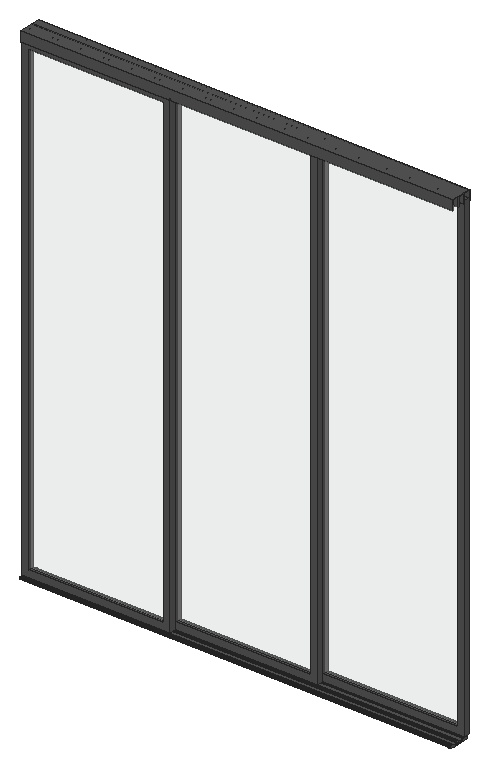
Revit family "Door_FTS RD_The Sliding Door Company_1.5F 3-Panel Triple Track (Double Recessed)", category Doors, host Wall, Revit 2019
Family settings
  Host = Wall
  OmniClass Number = 23.30.10.00
  OmniClass Title = Doors
  Always vertical = Yes
  Cut with Voids When Loaded = No
  Shared = No
  Room Calculation Point = No
Parameters (values of type "FTS Room Divider - 1.5F 3 Panel 3 Track - ABC/CBA")
  Upper Track Material [instance] = TSDC - Casing/Upper Track - Powder Coated Black
  URL = "https://www.slidingdoorco.com"
  Thickness = 1 1/4"  # constant formula
  Stile/Rail = 1 1/2"  # constant formula
  Rough Width = Finished Opening Width + 5/8" * 2  # 96 1/4"
  Rough Height = Finished Opening Height + 5/8"  # 106 1/8"
  Panel Width = Width / 3 + 1"  # 32.66667"
  Panel Height = Height - 2 1/4"  # 105 3/4"
  Open [instance] = no
  Model = "FTS Room Divider - Full Height System"  # constant formula
  Manufacturer = "The Sliding Door Company"  # constant formula
  Limitations = "Panel Width x System Height cannot exceed 7,400 square inches"  # constant formula
  Glass Thickness = "Available in: 5mm Tempered, 7mm,10mm,11mm Laminated Glass"  # constant formula
  Glass Material [instance] = TSDC - Glass - Clear
  Function = Interior
  Height = if(Order Height > 108", 108", Order Height)  # 108"
  Wall Closure = By host
  Width = if(Finished Opening Width > 147", 147", Finished Opening Width)  # 95"
  Fire Rating = "N/A"  # constant formula
  Finished Opening Width = 95"
  Order Height = 108"
  Finished Opening Height = Order Height - 2 1/8" - 3/8"  # 105 1/2"
  Door Casing Material [instance] = TSDC - Casing/Upper Track - Powder Coated Black
  Description = "1.5 Frame 3 Panel System with Triple Track (Double Recessed)"  # constant formula
  Contact The Sliding Door Company = "https://www.slidingdoorco.com/contact"
  Construction Type = "Top Mounted, Recessed Upper, Recessed Bottom Track"  # constant formula
  Configuration = "ABC/CBA Configuration"  # constant formula
  Closed [instance] = not(Open)  # yes
  Bottom Track Material [instance] = TSDC - Bottom Track - Powder Coated Black
  Analytic Construction = "<None>"
  1 1/2" Frame (No Support Dividers) = "Max. H=108 in., Max. W=147 in. (50 in. panel width)"  # constant formula
Reference planes (in)
  plane 1 "Center (Front/Back)": y = 0
  plane 2 "Center (Left/Right)": x = 0
  plane 3 "Top": z = 107.625
  plane 4 "Exterior": y = 3
  plane 5 "Interior": y = -3
  plane 6: x = -47.5
  plane 7: x = 47.5
  plane 8: z = 0.625
  plane 9 "2": z = 106
  plane 10 "3": z = 106.875
  plane 11: x = -15.83333
  plane 12: x = 15.83333
  plane 13 "Top": z = 96
  plane 14 "2": z = 94.375
  plane 15 "3": z = 95.25
  plane 16 "Top": z = 96
  plane 17 "2": z = 94.375
  plane 18 "3": z = 95.25
  plane 19 "Top": z = 80
  plane 20: x = -50
  plane 21: x = 50
  plane 22 "2": z = 78.375
  plane 23 "3": z = 79.25
  plane 24 "4": z = 105.5
  plane 25: z = -0.375
  plane 26: z = 0.25
Forms (in)
  Extrusion 1, solid, material "TSDC - Casing/Upper Track - Powder Coated Black" <- "Upper Track Material"
    sketch origin (0, 0.625, 0) x (0, 1, 0) y (0, 0, 1)
      loop
        line (1.74219, 107.625) -> (-2.99219, 107.625) -> (-2.99219, 105.5) -> (-2.93359, 105.5) -> (-2.93359, 107.56641) -> (-1.43359, 107.56641) -> (-1.43359, 105.5) -> (-1.375, 105.5) -> (-1.375, 107.56641) -> (0.125, 107.56641) -> (0.125, 105.5) -> (0.18359, 105.5) -> (0.18359, 107.56641) -> (1.68359, 107.56641) -> (1.68359, 105.5) -> (1.74219, 105.5) -> (1.74219, 107.625)
    from -47.5 to 47.5
  Extrusion 2, solid, material "TSDC - Casing/Upper Track - Powder Coated Black" <- "Door Casing Material", visible <- "Closed"
    sketch origin (47.66587, 2.18359, 0) x (1, 0, 0) y (0, 0, 1)
      loop
        line (-0.16587, 106) -> (-32.83254, 106) -> (-32.83254, 0.25) -> (-0.16587, 0.25) -> (-0.16587, 106)
      loop
        line (-1.66587, 104.5) -> (-31.33254, 104.5) -> (-31.33254, 1.75) -> (-1.66587, 1.75) -> (-1.66587, 104.5)
    from 0 to 1.25
  Extrusion 3, solid, material "TSDC - Glass - Clear" <- "Glass Material", visible <- "Closed"
    sketch origin (47.66587, 1.68359, 0) x (1, 0, 0) y (0, 0, 1)
      loop
        line (-1.66587, 104.5) -> (-31.33254, 104.5) -> (-31.33254, 1.75) -> (-1.66587, 1.75) -> (-1.66587, 104.5)
    from 0 to 0.25
  Extrusion 4, solid, material "TSDC - Casing/Upper Track - Powder Coated Black" <- "Door Casing Material", visible <- "Closed"
    sketch origin (-11.83413, 0.625, 0) x (1, 0, 0) y (0, 0, 1)
      loop
        line (28.16746, 106) -> (-4.4992, 106) -> (-4.4992, 0.25) -> (28.16746, 0.25) -> (28.16746, 106)
      loop
        line (26.66746, 104.5) -> (-2.9992, 104.5) -> (-2.9992, 1.75) -> (26.66746, 1.75) -> (26.66746, 104.5)
    from 0 to 1.25
  Extrusion 5, solid, material "TSDC - Glass - Clear" <- "Glass Material", visible <- "Closed"
    sketch origin (-11.83413, 0.125, 0) x (1, 0, 0) y (0, 0, 1)
      loop
        line (26.66746, 104.5) -> (-2.9992, 104.5) -> (-2.9992, 1.75) -> (26.66746, 1.75) -> (26.66746, 104.5)
    from 0 to 0.25
  Extrusion 6, solid, material "TSDC - Casing/Upper Track - Powder Coated Black" <- "Door Casing Material", visible <- "Closed"
    sketch origin (-71.33413, -0.93359, 0) x (1, 0, 0) y (0, 0, 1)
      loop
        line (56.5008, 106) -> (23.83413, 106) -> (23.83413, 0.25) -> (56.5008, 0.25) -> (56.5008, 106)
      loop
        line (55.0008, 104.5) -> (25.33413, 104.5) -> (25.33413, 1.75) -> (55.0008, 1.75) -> (55.0008, 104.5)
    from 0 to 1.25
  Extrusion 7, solid, material "TSDC - Glass - Clear" <- "Glass Material", visible <- "Closed"
    sketch origin (-71.33413, -1.43359, 0) x (1, 0, 0) y (0, 0, 1)
      loop
        line (55.0008, 104.5) -> (25.33413, 104.5) -> (25.33413, 1.75) -> (55.0008, 1.75) -> (55.0008, 104.5)
    from 0 to 0.25
  Extrusion 8, solid, material "TSDC - Casing/Upper Track - Powder Coated Black", not visible
    sketch origin (0, 0.8784, 0.00198) x (0, 1, 0) y (0, 0, 1)
      loop
        line (1.17662, -0.00198) -> (1.7466, -0.00198) -> (1.7466, 0.11422) -> (1.63872, 0.16601) -> (1.5898, 0.16) -> (1.58595, 0.19134) -> (1.49638, 0.23434) -> (1.44746, 0.22833) -> (1.44362, 0.25967) -> (1.35493, 0.30224) -> (1.30601, 0.29623) -> (1.30216, 0.32757) -> (1.21825, 0.36785)
        arc (1.21825, 0.36785) -> (1.19583, 0.37043) -> (1.17662, 0.35859) r 0.03449
        line (1.17662, 0.35859) -> (1.17662, 0.26961) -> (1.14379, 0.26961) -> (1.14379, 0.30227) -> (1.11271, 0.30227) -> (1.11271, 0.05752) -> (1.14379, 0.05752) -> (1.14379, 0.08934) -> (1.17662, 0.08934) -> (1.17662, -0.00198)
      loop
        line (1.6966, 0.05) -> (1.6966, 0.08276) -> (1.2346, 0.30454) -> (1.2346, 0.05) -> (1.6966, 0.05)
    from -50 to 50
  Extrusion 9, solid, material "TSDC - Casing/Upper Track - Powder Coated Black", not visible
    sketch origin (0, 0.8784, 0.00198) x (0, 1, 0) y (0, 0, 1)
      loop
        arc (1.17662, 0.34104) -> (1.17081, 0.35508) -> (1.15677, 0.36093) r 0.01985
        line (1.15677, 0.36093) -> (1.07541, 0.36093)
        arc (1.07541, 0.36093) -> (1.06136, 0.3551) -> (1.05556, 0.34103) r 0.01985
        line (1.05556, 0.34103) -> (1.05556, 0.20299) -> (0.9831, 0.20299) -> (0.9831, 0.28602)
        arc (0.9831, 0.28602) -> (0.87384, 0.39506) -> (0.76472, 0.28588) r 0.10919
        line (0.76472, 0.28588) -> (0.82428, 0.28588)
        arc (0.82428, 0.28588) -> (0.87397, 0.3355) -> (0.92354, 0.28575) r 0.04963
        line (0.92354, 0.28575) -> (0.92354, 0.14753) -> (1.05556, 0.10767) -> (1.05556, 0.05757) -> (0.38753, 0.05757) -> (0.38753, 0.36093) -> (-0.56932, 0.36093) -> (-0.56932, 0.20299) -> (-0.64178, 0.20299) -> (-0.64178, 0.28602)
        arc (-0.64178, 0.28602) -> (-0.75104, 0.39506) -> (-0.86016, 0.28588) r 0.10919
        line (-0.86016, 0.28588) -> (-0.8006, 0.28588)
        arc (-0.8006, 0.28588) -> (-0.75091, 0.3355) -> (-0.70134, 0.28575) r 0.04963
        line (-0.70134, 0.28575) -> (-0.70134, 0.14753) -> (-0.56932, 0.10767) -> (-0.56932, 0.05757) -> (-1.23735, 0.05757) -> (-1.23735, 0.36093) -> (-2.19421, 0.36093) -> (-2.19421, 0.20299) -> (-2.26667, 0.20299) -> (-2.26667, 0.28602)
        arc (-2.26667, 0.28602) -> (-2.37592, 0.39506) -> (-2.48504, 0.28588) r 0.10919
        line (-2.48504, 0.28588) -> (-2.42548, 0.28588)
        arc (-2.42548, 0.28588) -> (-2.37579, 0.3355) -> (-2.32622, 0.28575) r 0.04963
        line (-2.32622, 0.28575) -> (-2.32622, 0.14753) -> (-2.19421, 0.10767) -> (-2.19421, 0.05757) -> (-2.86223, 0.05757) -> (-2.86223, 0.34103)
        arc (-2.86223, 0.34103) -> (-2.86803, 0.3551) -> (-2.88208, 0.36093) r 0.01985
        line (-2.88208, 0.36093) -> (-2.96344, 0.36093)
        arc (-2.96344, 0.36093) -> (-2.97751, 0.35509) -> (-2.9833, 0.341) r 0.01985
        line (-2.9833, 0.341) -> (-2.9833, 0.26961) -> (-2.95059, 0.26961) -> (-2.95059, 0.30227) -> (-2.91939, 0.30227) -> (-2.91939, 0.05752) -> (-2.95046, 0.05752) -> (-2.95046, 0.08934) -> (-2.9833, 0.08934) -> (-2.9833, -0.00198) -> (-2.13705, -0.00198) -> (-2.10598, 0.05752) -> (-2.13705, 0.05752) -> (-2.13705, 0.30227) -> (-1.29451, 0.30227) -> (-1.29451, 0.05752) -> (-1.32558, 0.05752) -> (-1.29451, -0.00198) -> (-0.51217, -0.00198) -> (-0.4811, 0.05752) -> (-0.51217, 0.05752) -> (-0.51217, 0.30227) -> (0.33038, 0.30227) -> (0.33038, 0.05752) -> (0.2993, 0.05752) -> (0.33038, -0.00198) -> (1.17662, -0.00198) -> (1.17662, 0.08934) -> (1.14379, 0.08934) -> (1.14379, 0.05752) -> (1.11271, 0.05752) -> (1.11271, 0.30227) -> (1.14379, 0.30227) -> (1.14379, 0.26961) -> (1.17662, 0.26961) -> (1.17662, 0.34104)
    from -50 to 50
  Extrusion 10, solid, material "TSDC - Casing/Upper Track - Powder Coated Black", not visible
    sketch origin (0, -0.92827, 0.00198) x (0, -1, 0) y (0, 0, -1)
      loop
        line (1.17662, 0.00198) -> (1.17662, -0.08934) -> (1.14379, -0.08934) -> (1.14379, -0.05752) -> (1.11271, -0.05752) -> (1.11271, -0.30227) -> (1.14379, -0.30227) -> (1.14379, -0.26961) -> (1.17662, -0.26961) -> (1.17662, -0.35859)
        arc (1.17662, -0.35859) -> (1.19583, -0.37043) -> (1.21825, -0.36785) r 0.03449
        line (1.21825, -0.36785) -> (1.30216, -0.32757) -> (1.30601, -0.29623) -> (1.35493, -0.30224) -> (1.44362, -0.25967) -> (1.44746, -0.22833) -> (1.49638, -0.23434) -> (1.58595, -0.19134) -> (1.5898, -0.16) -> (1.63872, -0.16601) -> (1.7466, -0.11422) -> (1.7466, 0.00198) -> (1.17662, 0.00198)
      loop
        line (1.6966, -0.05) -> (1.2346, -0.05) -> (1.2346, -0.30454) -> (1.6966, -0.08276) -> (1.6966, -0.05)
    from -50 to 50
  Extrusion 11, solid, material "TSDC - Casing/Upper Track - Powder Coated Black", not visible
    sketch origin (0, 1.25781, 0) x (0, 1, 0) y (0, 0, 1)
      loop
        line (1.74219, 96) -> (-2.99219, 96) -> (-2.99219, 93.875) -> (-2.93359, 93.875) -> (-2.93359, 95.94141) -> (-1.43359, 95.94141) -> (-1.43359, 93.875) -> (-1.375, 93.875) -> (-1.375, 95.94141) -> (0.125, 95.94141) -> (0.125, 93.875) -> (0.18359, 93.875) -> (0.18359, 95.94141) -> (1.68359, 95.94141) -> (1.68359, 93.875) -> (1.74219, 93.875) -> (1.74219, 96)
    from -50 to 50
  Extrusion 12, solid, material "TSDC - Casing/Upper Track - Powder Coated Black", visible <- "Open", not visible
    sketch origin (-18.0008, 2.81641, 0) x (1, 0, 0) y (0, 0, 1)
      loop
        line (2.33413, 94.375) -> (-31.9992, 94.375) -> (-31.9992, 0.625) -> (2.33413, 0.625) -> (2.33413, 94.375)
      loop
        line (0.83413, 92.875) -> (-30.4992, 92.875) -> (-30.4992, 2.125) -> (0.83413, 2.125) -> (0.83413, 92.875)
    from 0 to 1.25
  Extrusion 13, solid, material "TSDC - Glass - Clear", visible <- "Open", not visible
    sketch origin (-18.0008, 2.31641, 0) x (1, 0, 0) y (0, 0, 1)
      loop
        line (0.83413, 92.875) -> (-30.4992, 92.875) -> (-30.4992, 2.125) -> (0.83413, 2.125) -> (0.83413, 92.875)
    from 0 to 0.25
  Extrusion 14, solid, material "TSDC - Casing/Upper Track - Powder Coated Black", visible <- "Open", not visible
    sketch origin (-44.66746, 1.25781, 0) x (1, 0, 0) y (0, 0, 1)
      loop
        line (29.0008, 94.375) -> (-5.33254, 94.375) -> (-5.33254, 0.625) -> (29.0008, 0.625) -> (29.0008, 94.375)
      loop
        line (27.5008, 92.875) -> (-3.83254, 92.875) -> (-3.83254, 2.125) -> (27.5008, 2.125) -> (27.5008, 92.875)
    from 0 to 1.25
  Extrusion 15, solid, material "TSDC - Glass - Clear", visible <- "Open", not visible
    sketch origin (-44.66746, 0.75781, 0) x (1, 0, 0) y (0, 0, 1)
      loop
        line (27.5008, 92.875) -> (-3.83254, 92.875) -> (-3.83254, 2.125) -> (27.5008, 2.125) -> (27.5008, 92.875)
    from 0 to 0.25
  Extrusion 16, solid, material "TSDC - Casing/Upper Track - Powder Coated Black", visible <- "Open", not visible
    sketch origin (-71.33413, -0.30078, 0) x (1, 0, 0) y (0, 0, 1)
      loop
        line (55.66746, 94.375) -> (21.33413, 94.375) -> (21.33413, 0.625) -> (55.66746, 0.625) -> (55.66746, 94.375)
      loop
        line (54.16746, 92.875) -> (22.83413, 92.875) -> (22.83413, 2.125) -> (54.16746, 2.125) -> (54.16746, 92.875)
    from 0 to 1.25
  Extrusion 17, solid, material "TSDC - Glass - Clear", visible <- "Open", not visible
    sketch origin (-71.33413, -0.80078, 0) x (1, 0, 0) y (0, 0, 1)
      loop
        line (54.16746, 92.875) -> (22.83413, 92.875) -> (22.83413, 2.125) -> (54.16746, 2.125) -> (54.16746, 92.875)
    from 0 to 0.25
  Extrusion 18, solid, material "TSDC - Casing/Upper Track - Powder Coated Black", visible <- "Closed", not visible
    sketch origin (-11.83413, 1.25781, 0) x (1, 0, 0) y (0, 0, 1)
      loop
        line (29.0008, 94.375) -> (-5.33254, 94.375) -> (-5.33254, 0.625) -> (29.0008, 0.625) -> (29.0008, 94.375)
      loop
        line (27.5008, 92.875) -> (-3.83254, 92.875) -> (-3.83254, 2.125) -> (27.5008, 2.125) -> (27.5008, 92.875)
    from 0 to 1.25
  Extrusion 19, solid, material "TSDC - Glass - Clear", visible <- "Closed", not visible
    sketch origin (-11.83413, 0.75781, 0) x (1, 0, 0) y (0, 0, 1)
      loop
        line (27.5008, 92.875) -> (-3.83254, 92.875) -> (-3.83254, 2.125) -> (27.5008, 2.125) -> (27.5008, 92.875)
    from 0 to 0.25
  Extrusion 20, solid, material "TSDC - Casing/Upper Track - Powder Coated Black", visible <- "Closed", not visible
    sketch origin (47.66587, 2.81641, 0) x (1, 0, 0) y (0, 0, 1)
      loop
        line (2.33413, 94.375) -> (-31.9992, 94.375) -> (-31.9992, 0.625) -> (2.33413, 0.625) -> (2.33413, 94.375)
      loop
        line (0.83413, 92.875) -> (-30.4992, 92.875) -> (-30.4992, 2.125) -> (0.83413, 2.125) -> (0.83413, 92.875)
    from 0 to 1.25
  Extrusion 21, solid, material "TSDC - Glass - Clear", visible <- "Closed", not visible
    sketch origin (47.66587, 2.31641, 0) x (1, 0, 0) y (0, 0, 1)
      loop
        line (0.83413, 92.875) -> (-30.4992, 92.875) -> (-30.4992, 2.125) -> (0.83413, 2.125) -> (0.83413, 92.875)
    from 0 to 0.25
  Extrusion 22, solid, material "TSDC - Casing/Upper Track - Powder Coated Black", visible <- "Closed", not visible
    sketch origin (-71.33413, -0.30078, 0) x (1, 0, 0) y (0, 0, 1)
      loop
        line (55.66746, 94.375) -> (21.33413, 94.375) -> (21.33413, 0.625) -> (55.66746, 0.625) -> (55.66746, 94.375)
      loop
        line (54.16746, 92.875) -> (22.83413, 92.875) -> (22.83413, 2.125) -> (54.16746, 2.125) -> (54.16746, 92.875)
    from 0 to 1.25
  Extrusion 23, solid, material "TSDC - Glass - Clear", visible <- "Closed", not visible
    sketch origin (-71.33413, -0.80078, 0) x (1, 0, 0) y (0, 0, 1)
      loop
        line (54.16746, 92.875) -> (22.83413, 92.875) -> (22.83413, 2.125) -> (54.16746, 2.125) -> (54.16746, 92.875)
    from 0 to 0.25
  Extrusion 24, solid, material "TSDC - Casing/Upper Track - Powder Coated Black", not visible
    sketch origin (0, 1.25781, 0) x (0, 1, 0) y (0, 0, 1)
      loop
        line (1.74219, 96) -> (-2.99219, 96) -> (-2.99219, 93.875) -> (-2.93359, 93.875) -> (-2.93359, 95.94141) -> (-1.43359, 95.94141) -> (-1.43359, 93.875) -> (-1.375, 93.875) -> (-1.375, 95.94141) -> (0.125, 95.94141) -> (0.125, 93.875) -> (0.18359, 93.875) -> (0.18359, 95.94141) -> (1.68359, 95.94141) -> (1.68359, 93.875) -> (1.74219, 93.875) -> (1.74219, 96)
    from -50 to 50
  Extrusion 25, solid, material "TSDC - Casing/Upper Track - Powder Coated Black" <- "Door Casing Material", visible <- "Open"
    sketch origin (-18.0008, 2.18359, 0) x (1, 0, 0) y (0, 0, 1)
      loop
        line (3.16746, 106) -> (-29.4992, 106) -> (-29.4992, 0.25) -> (3.16746, 0.25) -> (3.16746, 106)
      loop
        line (1.66746, 104.5) -> (-27.9992, 104.5) -> (-27.9992, 1.75) -> (1.66746, 1.75) -> (1.66746, 104.5)
    from 0 to 1.25
  Extrusion 26, solid, material "TSDC - Glass - Clear" <- "Glass Material", visible <- "Open"
    sketch origin (-18.0008, 1.68359, 0) x (1, 0, 0) y (0, 0, 1)
      loop
        line (1.66746, 104.5) -> (-27.9992, 104.5) -> (-27.9992, 1.75) -> (1.66746, 1.75) -> (1.66746, 104.5)
    from 0 to 0.25
  Extrusion 27, solid, material "TSDC - Casing/Upper Track - Powder Coated Black" <- "Door Casing Material", visible <- "Open"
    sketch origin (-44.66746, 0.625, 0) x (1, 0, 0) y (0, 0, 1)
      loop
        line (29.83413, 106) -> (-2.83254, 106) -> (-2.83254, 0.25) -> (29.83413, 0.25) -> (29.83413, 106)
      loop
        line (28.33413, 104.5) -> (-1.33254, 104.5) -> (-1.33254, 1.75) -> (28.33413, 1.75) -> (28.33413, 104.5)
    from 0 to 1.25
  Extrusion 28, solid, material "TSDC - Glass - Clear" <- "Glass Material", visible <- "Open"
    sketch origin (-44.66746, 0.125, 0) x (1, 0, 0) y (0, 0, 1)
      loop
        line (28.33413, 104.5) -> (-1.33254, 104.5) -> (-1.33254, 1.75) -> (28.33413, 1.75) -> (28.33413, 104.5)
    from 0 to 0.25
  Extrusion 29, solid, material "TSDC - Casing/Upper Track - Powder Coated Black" <- "Door Casing Material", visible <- "Open"
    sketch origin (-71.33413, -0.93359, 0) x (1, 0, 0) y (0, 0, 1)
      loop
        line (56.5008, 106) -> (23.83413, 106) -> (23.83413, 0.25) -> (56.5008, 0.25) -> (56.5008, 106)
      loop
        line (55.0008, 104.5) -> (25.33413, 104.5) -> (25.33413, 1.75) -> (55.0008, 1.75) -> (55.0008, 104.5)
    from 0 to 1.25
  Extrusion 30, solid, material "TSDC - Glass - Clear" <- "Glass Material", visible <- "Open"
    sketch origin (-71.33413, -1.43359, 0) x (1, 0, 0) y (0, 0, 1)
      loop
        line (55.0008, 104.5) -> (25.33413, 104.5) -> (25.33413, 1.75) -> (55.0008, 1.75) -> (55.0008, 104.5)
    from 0 to 0.25
  Extrusion 31, solid, material "TSDC - Casing/Upper Track - Powder Coated Black", not visible
    sketch origin (0, 1.25781, 0) x (0, 1, 0) y (0, 0, 1)
      loop
        line (1.74219, 96) -> (-2.99219, 96) -> (-2.99219, 93.875) -> (-2.93359, 93.875) -> (-2.93359, 95.94141) -> (-1.43359, 95.94141) -> (-1.43359, 93.875) -> (-1.375, 93.875) -> (-1.375, 95.94141) -> (0.125, 95.94141) -> (0.125, 93.875) -> (0.18359, 93.875) -> (0.18359, 95.94141) -> (1.68359, 95.94141) -> (1.68359, 93.875) -> (1.74219, 93.875) -> (1.74219, 96)
    from -50 to 50
  Extrusion 32, solid, material "TSDC - Casing/Upper Track - Powder Coated Black", not visible
    sketch origin (0, 1.25781, 0) x (0, 1, 0) y (0, 0, 1)
      loop
        line (1.74219, 96) -> (-2.99219, 96) -> (-2.99219, 93.875) -> (-2.93359, 93.875) -> (-2.93359, 95.94141) -> (-1.43359, 95.94141) -> (-1.43359, 93.875) -> (-1.375, 93.875) -> (-1.375, 95.94141) -> (0.125, 95.94141) -> (0.125, 93.875) -> (0.18359, 93.875) -> (0.18359, 95.94141) -> (1.68359, 95.94141) -> (1.68359, 93.875) -> (1.74219, 93.875) -> (1.74219, 96)
    from -50 to 50
  Extrusion 33, solid, material "TSDC - Casing/Upper Track - Powder Coated Black", not visible
    sketch origin (0, 0.8784, 0.00198) x (0, 1, 0) y (0, 0, 1)
      loop
        line (1.17662, -0.00198) -> (1.7466, -0.00198) -> (1.7466, 0.11422) -> (1.63872, 0.16601) -> (1.5898, 0.16) -> (1.58595, 0.19134) -> (1.49638, 0.23434) -> (1.44746, 0.22833) -> (1.44362, 0.25967) -> (1.35493, 0.30224) -> (1.30601, 0.29623) -> (1.30216, 0.32757) -> (1.21825, 0.36785)
        arc (1.21825, 0.36785) -> (1.19583, 0.37043) -> (1.17662, 0.35859) r 0.03449
        line (1.17662, 0.35859) -> (1.17662, 0.26961) -> (1.14379, 0.26961) -> (1.14379, 0.30227) -> (1.11271, 0.30227) -> (1.11271, 0.05752) -> (1.14379, 0.05752) -> (1.14379, 0.08934) -> (1.17662, 0.08934) -> (1.17662, -0.00198)
      loop
        line (1.6966, 0.05) -> (1.6966, 0.08276) -> (1.2346, 0.30454) -> (1.2346, 0.05) -> (1.6966, 0.05)
    from -50 to 50
  Extrusion 34, solid, material "TSDC - Casing/Upper Track - Powder Coated Black", not visible
    sketch origin (0, 0.8784, 0.00198) x (0, 1, 0) y (0, 0, 1)
      loop
        arc (1.17662, 0.34104) -> (1.17081, 0.35508) -> (1.15677, 0.36093) r 0.01985
        line (1.15677, 0.36093) -> (1.07541, 0.36093)
        arc (1.07541, 0.36093) -> (1.06136, 0.3551) -> (1.05556, 0.34103) r 0.01985
        line (1.05556, 0.34103) -> (1.05556, 0.20299) -> (0.9831, 0.20299) -> (0.9831, 0.28602)
        arc (0.9831, 0.28602) -> (0.87384, 0.39506) -> (0.76472, 0.28588) r 0.10919
        line (0.76472, 0.28588) -> (0.82428, 0.28588)
        arc (0.82428, 0.28588) -> (0.87397, 0.3355) -> (0.92354, 0.28575) r 0.04963
        line (0.92354, 0.28575) -> (0.92354, 0.14753) -> (1.05556, 0.10767) -> (1.05556, 0.05757) -> (0.38753, 0.05757) -> (0.38753, 0.36093) -> (-0.56932, 0.36093) -> (-0.56932, 0.20299) -> (-0.64178, 0.20299) -> (-0.64178, 0.28602)
        arc (-0.64178, 0.28602) -> (-0.75104, 0.39506) -> (-0.86016, 0.28588) r 0.10919
        line (-0.86016, 0.28588) -> (-0.8006, 0.28588)
        arc (-0.8006, 0.28588) -> (-0.75091, 0.3355) -> (-0.70134, 0.28575) r 0.04963
        line (-0.70134, 0.28575) -> (-0.70134, 0.14753) -> (-0.56932, 0.10767) -> (-0.56932, 0.05757) -> (-1.23735, 0.05757) -> (-1.23735, 0.36093) -> (-2.19421, 0.36093) -> (-2.19421, 0.20299) -> (-2.26667, 0.20299) -> (-2.26667, 0.28602)
        arc (-2.26667, 0.28602) -> (-2.37592, 0.39506) -> (-2.48504, 0.28588) r 0.10919
        line (-2.48504, 0.28588) -> (-2.42548, 0.28588)
        arc (-2.42548, 0.28588) -> (-2.37579, 0.3355) -> (-2.32622, 0.28575) r 0.04963
        line (-2.32622, 0.28575) -> (-2.32622, 0.14753) -> (-2.19421, 0.10767) -> (-2.19421, 0.05757) -> (-2.86223, 0.05757) -> (-2.86223, 0.34103)
        arc (-2.86223, 0.34103) -> (-2.86803, 0.3551) -> (-2.88208, 0.36093) r 0.01985
        line (-2.88208, 0.36093) -> (-2.96344, 0.36093)
        arc (-2.96344, 0.36093) -> (-2.97751, 0.35509) -> (-2.9833, 0.341) r 0.01985
        line (-2.9833, 0.341) -> (-2.9833, 0.26961) -> (-2.95059, 0.26961) -> (-2.95059, 0.30227) -> (-2.91939, 0.30227) -> (-2.91939, 0.05752) -> (-2.95046, 0.05752) -> (-2.95046, 0.08934) -> (-2.9833, 0.08934) -> (-2.9833, -0.00198) -> (-2.13705, -0.00198) -> (-2.10598, 0.05752) -> (-2.13705, 0.05752) -> (-2.13705, 0.30227) -> (-1.29451, 0.30227) -> (-1.29451, 0.05752) -> (-1.32558, 0.05752) -> (-1.29451, -0.00198) -> (-0.51217, -0.00198) -> (-0.4811, 0.05752) -> (-0.51217, 0.05752) -> (-0.51217, 0.30227) -> (0.33038, 0.30227) -> (0.33038, 0.05752) -> (0.2993, 0.05752) -> (0.33038, -0.00198) -> (1.17662, -0.00198) -> (1.17662, 0.08934) -> (1.14379, 0.08934) -> (1.14379, 0.05752) -> (1.11271, 0.05752) -> (1.11271, 0.30227) -> (1.14379, 0.30227) -> (1.14379, 0.26961) -> (1.17662, 0.26961) -> (1.17662, 0.34104)
    from -50 to 50
  Extrusion 35, solid, material "TSDC - Casing/Upper Track - Powder Coated Black", not visible
    sketch origin (0, -0.92827, 0.00198) x (0, -1, 0) y (0, 0, -1)
      loop
        line (1.17662, 0.00198) -> (1.17662, -0.08934) -> (1.14379, -0.08934) -> (1.14379, -0.05752) -> (1.11271, -0.05752) -> (1.11271, -0.30227) -> (1.14379, -0.30227) -> (1.14379, -0.26961) -> (1.17662, -0.26961) -> (1.17662, -0.35859)
        arc (1.17662, -0.35859) -> (1.19583, -0.37043) -> (1.21825, -0.36785) r 0.03449
        line (1.21825, -0.36785) -> (1.30216, -0.32757) -> (1.30601, -0.29623) -> (1.35493, -0.30224) -> (1.44362, -0.25967) -> (1.44746, -0.22833) -> (1.49638, -0.23434) -> (1.58595, -0.19134) -> (1.5898, -0.16) -> (1.63872, -0.16601) -> (1.7466, -0.11422) -> (1.7466, 0.00198) -> (1.17662, 0.00198)
      loop
        line (1.6966, -0.05) -> (1.2346, -0.05) -> (1.2346, -0.30454) -> (1.6966, -0.08276) -> (1.6966, -0.05)
    from -50 to 50
  Extrusion 36, solid, material "TSDC - Casing/Upper Track - Powder Coated Black", not visible
    sketch origin (0, 1.25781, -16) x (0, 1, 0) y (0, 0, 1)
      loop
        line (1.74219, 96) -> (-2.99219, 96) -> (-2.99219, 93.875) -> (-2.93359, 93.875) -> (-2.93359, 95.94141) -> (-1.43359, 95.94141) -> (-1.43359, 93.875) -> (-1.375, 93.875) -> (-1.375, 95.94141) -> (0.125, 95.94141) -> (0.125, 93.875) -> (0.18359, 93.875) -> (0.18359, 95.94141) -> (1.68359, 95.94141) -> (1.68359, 93.875) -> (1.74219, 93.875) -> (1.74219, 96)
    from -50 to 50
  Extrusion 37, solid, material "TSDC - Bottom Track - Powder Coated Black" <- "Bottom Track Material", not visible
    sketch origin (0, 0.24559, 0.00198) x (0, 1, 0) y (0, 0, 1)
      loop
        line (1.17662, -0.00198) -> (1.7466, -0.00198) -> (1.7466, 0.11422) -> (1.63872, 0.16601) -> (1.5898, 0.16) -> (1.58595, 0.19134) -> (1.49638, 0.23434) -> (1.44746, 0.22833) -> (1.44362, 0.25967) -> (1.35493, 0.30224) -> (1.30601, 0.29623) -> (1.30216, 0.32757) -> (1.21825, 0.36785)
        arc (1.21825, 0.36785) -> (1.19583, 0.37043) -> (1.17662, 0.35859) r 0.03449
        line (1.17662, 0.35859) -> (1.17662, 0.26961) -> (1.14379, 0.26961) -> (1.14379, 0.30227) -> (1.11271, 0.30227) -> (1.11271, 0.05752) -> (1.14379, 0.05752) -> (1.14379, 0.08934) -> (1.17662, 0.08934) -> (1.17662, -0.00198)
      loop
        line (1.6966, 0.05) -> (1.6966, 0.08276) -> (1.2346, 0.30454) -> (1.2346, 0.05) -> (1.6966, 0.05)
    from -76.5 to 76.5
  Extrusion 38, solid, material "TSDC - Bottom Track - Powder Coated Black" <- "Bottom Track Material", not visible
    sketch origin (0, 0.24559, 0.00198) x (0, 1, 0) y (0, 0, 1)
      loop
        arc (1.17662, 0.34104) -> (1.17081, 0.35508) -> (1.15677, 0.36093) r 0.01985
        line (1.15677, 0.36093) -> (1.07541, 0.36093)
        arc (1.07541, 0.36093) -> (1.06136, 0.3551) -> (1.05556, 0.34103) r 0.01985
        line (1.05556, 0.34103) -> (1.05556, 0.20299) -> (0.9831, 0.20299) -> (0.9831, 0.28602)
        arc (0.9831, 0.28602) -> (0.87384, 0.39506) -> (0.76472, 0.28588) r 0.10919
        line (0.76472, 0.28588) -> (0.82428, 0.28588)
        arc (0.82428, 0.28588) -> (0.87397, 0.3355) -> (0.92354, 0.28575) r 0.04963
        line (0.92354, 0.28575) -> (0.92354, 0.14753) -> (1.05556, 0.10767) -> (1.05556, 0.05757) -> (0.38753, 0.05757) -> (0.38753, 0.36093) -> (-0.56932, 0.36093) -> (-0.56932, 0.20299) -> (-0.64178, 0.20299) -> (-0.64178, 0.28602)
        arc (-0.64178, 0.28602) -> (-0.75104, 0.39506) -> (-0.86016, 0.28588) r 0.10919
        line (-0.86016, 0.28588) -> (-0.8006, 0.28588)
        arc (-0.8006, 0.28588) -> (-0.75091, 0.3355) -> (-0.70134, 0.28575) r 0.04963
        line (-0.70134, 0.28575) -> (-0.70134, 0.14753) -> (-0.56932, 0.10767) -> (-0.56932, 0.05757) -> (-1.23735, 0.05757) -> (-1.23735, 0.36093) -> (-2.19421, 0.36093) -> (-2.19421, 0.20299) -> (-2.26667, 0.20299) -> (-2.26667, 0.28602)
        arc (-2.26667, 0.28602) -> (-2.37592, 0.39506) -> (-2.48504, 0.28588) r 0.10919
        line (-2.48504, 0.28588) -> (-2.42548, 0.28588)
        arc (-2.42548, 0.28588) -> (-2.37579, 0.3355) -> (-2.32622, 0.28575) r 0.04963
        line (-2.32622, 0.28575) -> (-2.32622, 0.14753) -> (-2.19421, 0.10767) -> (-2.19421, 0.05757) -> (-2.86223, 0.05757) -> (-2.86223, 0.34103)
        arc (-2.86223, 0.34103) -> (-2.86803, 0.3551) -> (-2.88208, 0.36093) r 0.01985
        line (-2.88208, 0.36093) -> (-2.96344, 0.36093)
        arc (-2.96344, 0.36093) -> (-2.97751, 0.35509) -> (-2.9833, 0.341) r 0.01985
        line (-2.9833, 0.341) -> (-2.9833, 0.26961) -> (-2.95059, 0.26961) -> (-2.95059, 0.30227) -> (-2.91939, 0.30227) -> (-2.91939, 0.05752) -> (-2.95046, 0.05752) -> (-2.95046, 0.08934) -> (-2.9833, 0.08934) -> (-2.9833, -0.00198) -> (-2.13705, -0.00198) -> (-2.10598, 0.05752) -> (-2.13705, 0.05752) -> (-2.13705, 0.30227) -> (-1.29451, 0.30227) -> (-1.29451, 0.05752) -> (-1.32558, 0.05752) -> (-1.29451, -0.00198) -> (-0.51217, -0.00198) -> (-0.4811, 0.05752) -> (-0.51217, 0.05752) -> (-0.51217, 0.30227) -> (0.33038, 0.30227) -> (0.33038, 0.05752) -> (0.2993, 0.05752) -> (0.33038, -0.00198) -> (1.17662, -0.00198) -> (1.17662, 0.08934) -> (1.14379, 0.08934) -> (1.14379, 0.05752) -> (1.11271, 0.05752) -> (1.11271, 0.30227) -> (1.14379, 0.30227) -> (1.14379, 0.26961) -> (1.17662, 0.26961) -> (1.17662, 0.34104)
    from -76.5 to 76.5
  Extrusion 39, solid, material "TSDC - Bottom Track - Powder Coated Black" <- "Bottom Track Material", not visible
    sketch origin (0, -1.56108, 0.00198) x (0, -1, 0) y (0, 0, -1)
      loop
        line (1.17662, 0.00198) -> (1.17662, -0.08934) -> (1.14379, -0.08934) -> (1.14379, -0.05752) -> (1.11271, -0.05752) -> (1.11271, -0.30227) -> (1.14379, -0.30227) -> (1.14379, -0.26961) -> (1.17662, -0.26961) -> (1.17662, -0.35859)
        arc (1.17662, -0.35859) -> (1.19583, -0.37043) -> (1.21825, -0.36785) r 0.03449
        line (1.21825, -0.36785) -> (1.30216, -0.32757) -> (1.30601, -0.29623) -> (1.35493, -0.30224) -> (1.44362, -0.25967) -> (1.44746, -0.22833) -> (1.49638, -0.23434) -> (1.58595, -0.19134) -> (1.5898, -0.16) -> (1.63872, -0.16601) -> (1.7466, -0.11422) -> (1.7466, 0.00198) -> (1.17662, 0.00198)
      loop
        line (1.6966, -0.05) -> (1.2346, -0.05) -> (1.2346, -0.30454) -> (1.6966, -0.08276) -> (1.6966, -0.05)
    from -76.5 to 76.5
  Extrusion 40, solid, material "TSDC - Bottom Track - Powder Coated Black" <- "Bottom Track Material"
    sketch origin (0, 0, -0.375) x (0, 1, 0) y (0, 0, 1)
      loop
        line (1.40236, 0.36291) -> (1.321, 0.36291)
        arc (1.321, 0.36291) -> (1.30695, 0.35708) -> (1.30115, 0.34301) r 0.01985
        line (1.30115, 0.34301) -> (1.30115, 0.20498) -> (1.22869, 0.20498) -> (1.22869, 0.288)
        arc (1.22869, 0.288) -> (1.11943, 0.39705) -> (1.01031, 0.28786) r 0.10919
        line (1.01031, 0.28786) -> (1.06987, 0.28786)
        arc (1.06987, 0.28786) -> (1.11956, 0.33749) -> (1.16913, 0.28774) r 0.04963
        line (1.16913, 0.28774) -> (1.16913, 0.14951) -> (1.30115, 0.10965) -> (1.30115, 0.05956) -> (0.63312, 0.05956) -> (0.63312, 0.36291) -> (-0.32373, 0.36291) -> (-0.32373, 0.20498) -> (-0.39619, 0.20498) -> (-0.39619, 0.288)
        arc (-0.39619, 0.288) -> (-0.50545, 0.39705) -> (-0.61457, 0.28786) r 0.10919
        line (-0.61457, 0.28786) -> (-0.55501, 0.28786)
        arc (-0.55501, 0.28786) -> (-0.50532, 0.33749) -> (-0.45575, 0.28774) r 0.04963
        line (-0.45575, 0.28774) -> (-0.45575, 0.14951) -> (-0.32373, 0.10965) -> (-0.32373, 0.05956) -> (-0.99176, 0.05956) -> (-0.99176, 0.36291) -> (-1.94861, 0.36291) -> (-1.94861, 0.20498) -> (-2.02107, 0.20498) -> (-2.02107, 0.288)
        arc (-2.02107, 0.288) -> (-2.13033, 0.39705) -> (-2.23945, 0.28786) r 0.10919
        line (-2.23945, 0.28786) -> (-2.17989, 0.28786)
        arc (-2.17989, 0.28786) -> (-2.1302, 0.33749) -> (-2.08063, 0.28774) r 0.04963
        line (-2.08063, 0.28774) -> (-2.08063, 0.14951) -> (-1.94861, 0.10965) -> (-1.94861, 0.05956) -> (-2.61664, 0.05956) -> (-2.61664, 0.34301)
        arc (-2.61664, 0.34301) -> (-2.62244, 0.35708) -> (-2.63649, 0.36291) r 0.01985
        line (-2.63649, 0.36291) -> (-2.71785, 0.36291)
        arc (-2.71785, 0.36291) -> (-2.73189, 0.3571) -> (-2.7377, 0.34306) r 0.01985
        line (-2.7377, 0.34306) -> (-2.7377, 0.2716) -> (-2.705, 0.2716) -> (-2.705, 0.30426) -> (-2.6738, 0.30426) -> (-2.6738, 0.05951) -> (-2.70487, 0.05951) -> (-2.70487, 0.09133) -> (-2.7377, 0.09133) -> (-2.7377, 0) -> (-1.89146, 0) -> (-1.86039, 0.05951) -> (-1.89146, 0.05951) -> (-1.89146, 0.30426) -> (-1.04891, 0.30426) -> (-1.04891, 0.05951) -> (-1.07999, 0.05951) -> (-1.04891, 0) -> (-0.26658, 0) -> (-0.2355, 0.05951) -> (-0.26658, 0.05951) -> (-0.26658, 0.30426) -> (0.57597, 0.30426) -> (0.57597, 0.05951) -> (0.5449, 0.05951) -> (0.57597, 0) -> (1.42221, 0) -> (1.42221, 0.09133) -> (1.38938, 0.09133) -> (1.38938, 0.05951) -> (1.35831, 0.05951) -> (1.35831, 0.30426) -> (1.38938, 0.30426) -> (1.38938, 0.2716) -> (1.42221, 0.2716) -> (1.42221, 0.34302)
        arc (1.42221, 0.34302) -> (1.4164, 0.35706) -> (1.40236, 0.36291) r 0.01985
    from -47.5 to 47.5
Lines and regions (in)
  Opening 1
    outline origin (-60, -3, 0) x (1, 0, 0) y (0, 0, 1)
      loop
        line (107.5, 0) -> (107.5, 105.5) -> (12.5, 105.5) -> (12.5, 0) -> (107.5, 0)
Text (in)
  text "Exterior" at (-165.54235, 27.31104, 0), in view "Ref. Level"
  text "Interior" at (-165.54235, -25.14366, 0), in view "Ref. Level"
  text "Exterior" at (0, 40.15149, 123.01588), in view "Right"
  text "Interior" at (0, -64.39139, 123.01588), in view "Right"
  text "Interior" at (0, -63.89474, 123.00693), in view "Left"
  text "Exterior" at (0, 91.29861, 123.00693), in view "Left"
Dimensions and locks (in)
  locked: plane 9 "2" to plane 3 "Top" at 1.625
  equal spacing: plane 6, plane 2 "Center (Left/Right)", plane 7
  locked: plane 10 "3" to plane 3 "Top" at 0.75
  "Stile/Rail": Extrusion 2 to Extrusion 2  (x4)
  equal spacing: plane 6, plane 11, plane 12, plane 7
  "Stile/Rail": Extrusion 4 to Extrusion 4  (x4)
  "Stile/Rail": Extrusion 6 to Extrusion 6  (x4)
  "Stile/Rail": Extrusion 25 to Extrusion 25  (x4)
  "Stile/Rail": Extrusion 27 to Extrusion 27  (x4)
  "Stile/Rail": Extrusion 29 to Extrusion 29  (x4)
  "Width": plane 6 to plane 7
  Extrusion 1 to host wall to Extrusion 1 = 2 47/128" locked, 2 47/128" locked
  "Height": plane 25 to plane 3 "Top"
  locked: plane 24 "4" to plane 3 "Top" at 2.125
  locked: plane 25 to level at 0.375
  aligned and locked: plane 4 "Exterior" to host wall
  aligned and locked: host wall to plane 5 "Interior"
  aligned and locked: Extrusion 1 to plane 6
  aligned and locked: plane 7 to Extrusion 1
  aligned and locked: Extrusion 3 to Extrusion 2  (x4)
  aligned and locked: Extrusion 5 to Extrusion 4  (x4)
  aligned and locked: Extrusion 7 to Extrusion 6  (x4)
  aligned and locked: Opening 1 sketch curve to Extrusion 1
  aligned and locked: Extrusion 6 to plane 9 "2"
  aligned and locked: Extrusion 6 to Extrusion 4
  aligned and locked: Extrusion 4 to Extrusion 2
  aligned and locked: Extrusion 26 to Extrusion 25  (x4)
  aligned and locked: Extrusion 28 to Extrusion 27  (x4)
  aligned and locked: Extrusion 30 to Extrusion 29  (x4)
  aligned and locked: host wall to Extrusion 40  (x2)
  aligned and locked: Extrusion 25 to plane 26
  aligned and locked: Extrusion 2 to Extrusion 25
  aligned and locked: Extrusion 2 to Extrusion 27
  aligned and locked: Extrusion 2 to Extrusion 4
  aligned and locked: Extrusion 2 to Extrusion 29
  aligned and locked: Extrusion 2 to Extrusion 6
  aligned and locked: plane 24 "4" to Opening 1 sketch curve
  aligned and locked: Opening 1 sketch curve to plane 6
Automatic sketch dimensions
  Extrusion 8 sketch curve to Extrusion 8 sketch curve = 0.03107"  (x2)
  Extrusion 8 sketch curve to Extrusion 8 sketch curve = 0.03284"  (x2)
  Extrusion 8 sketch curve to Extrusion 8 sketch curve = 0.0267"
  Extrusion 8 sketch curve to Extrusion 8 sketch curve = 0.01493"
  Extrusion 8 sketch curve to Extrusion 8 sketch curve = 0.05797"
  Extrusion 8 sketch curve to Extrusion 8 sketch curve = 0.06757"
  Extrusion 8 sketch curve to Extrusion 8 sketch curve = 0.00385"  (x3)
  Extrusion 8 sketch curve to Extrusion 8 sketch curve = 0.04892"  (x3)
  Extrusion 8 sketch curve to Extrusion 8 sketch curve = 0.08869"
  Extrusion 8 sketch curve to Extrusion 8 sketch curve = 0.08957"
  Extrusion 8 sketch curve to Extrusion 8 sketch curve = 0.05788"
  Extrusion 8 sketch curve to Extrusion 8 sketch curve = 0.05"
  Extrusion 8 sketch curve to Extrusion 8 sketch curve = 0.03276"
  Extrusion 8 sketch curve to Extrusion 8 sketch curve = 0.03182"
  Extrusion 8 sketch curve to Extrusion 8 sketch curve = 0.03146"
  Extrusion 8 sketch curve to Extrusion 8 sketch curve = 0.00601"  (x3)
  Extrusion 8 sketch curve to Extrusion 8 sketch curve = 0.09824"
  Extrusion 8 sketch curve to Extrusion 8 sketch curve = 0.03266"
  Extrusion 8 sketch curve to Extrusion 8 sketch curve = 0.06331"
  Extrusion 8 sketch curve to Extrusion 8 sketch curve = 0.03109"
  Extrusion 9 sketch curve to Extrusion 9 sketch curve = 0"  (x25)
  Extrusion 9 sketch curve to Extrusion 9 sketch curve = 0.01985"  (x3)
  Extrusion 9 sketch curve to Extrusion 9 sketch curve = 0.03271"
  Extrusion 9 sketch curve to Extrusion 9 sketch curve = 0.03284"  (x3)
  Extrusion 9 sketch curve to Extrusion 9 sketch curve = 0.03107"  (x9)
  Extrusion 9 sketch curve to Extrusion 9 sketch curve = 0.0373"
  Extrusion 9 sketch curve to Extrusion 9 sketch curve = 0.37719"  (x3)
  Extrusion 9 sketch curve to Extrusion 9 sketch curve = 0.05956"  (x6)
  Extrusion 9 sketch curve to Extrusion 9 sketch curve = 0.04963"  (x6)
  Extrusion 9 sketch curve to Extrusion 9 sketch curve = 0.07246"  (x4)
  Extrusion 9 sketch curve to Extrusion 9 sketch curve = 0.05716"  (x5)
  Extrusion 9 sketch curve to Extrusion 9 sketch curve = 0.7804"  (x2)
  Extrusion 9 sketch curve to Extrusion 9 sketch curve = 0.01299"
  Extrusion 9 sketch curve to Extrusion 9 sketch curve = 0.00005"  (x5)
  Extrusion 9 sketch curve to Extrusion 9 sketch curve = 0.03182"  (x2)
  Extrusion 9 sketch curve to Extrusion 9 sketch curve = 0.0501"  (x3)
  Extrusion 9 sketch curve to Extrusion 9 sketch curve = 0.03986"  (x2)
  Extrusion 9 sketch curve to Extrusion 9 sketch curve = 0.09532"  (x2)
  Extrusion 9 sketch curve to Extrusion 9 sketch curve = 0.05547"  (x2)
  Extrusion 9 sketch curve to Extrusion 9 sketch curve = 0.06662"
  Extrusion 9 sketch curve to Extrusion 9 sketch curve = 0.08276"  (x3)
  Extrusion 9 sketch curve to Extrusion 9 sketch curve = 0.00012"  (x3)
  Extrusion 9 sketch curve to Extrusion 9 sketch curve = 0.03266"  (x2)
  Extrusion 9 sketch curve to Extrusion 9 sketch curve = 0.24475"
  Extrusion 9 sketch curve to Extrusion 9 sketch curve = 0.09928"
  Extrusion 9 sketch curve to Extrusion 9 sketch curve = 0.03873"
  Extrusion 9 sketch curve to Extrusion 9 sketch curve = 0.03876"  (x2)
  Extrusion 9 sketch curve to Extrusion 9 sketch curve = 0.03877"
  Extrusion 9 sketch curve to Extrusion 9 sketch curve = 0.00007"
  Extrusion 9 sketch curve to Extrusion 9 sketch curve = 0.05866"  (x2)
  Extrusion 10 sketch curve to Extrusion 10 sketch curve = 0.03107"  (x2)
  Extrusion 10 sketch curve to Extrusion 10 sketch curve = 0.03284"  (x2)
  Extrusion 10 sketch curve to Extrusion 10 sketch curve = 0.0267"
  Extrusion 10 sketch curve to Extrusion 10 sketch curve = 0.01493"
  Extrusion 10 sketch curve to Extrusion 10 sketch curve = 0.05797"
  Extrusion 10 sketch curve to Extrusion 10 sketch curve = 0.06757"
  Extrusion 10 sketch curve to Extrusion 10 sketch curve = 0.00385"  (x3)
  Extrusion 10 sketch curve to Extrusion 10 sketch curve = 0.04892"  (x3)
  Extrusion 10 sketch curve to Extrusion 10 sketch curve = 0.08869"
  Extrusion 10 sketch curve to Extrusion 10 sketch curve = 0.08957"
  Extrusion 10 sketch curve to Extrusion 10 sketch curve = 0.05788"
  Extrusion 10 sketch curve to Extrusion 10 sketch curve = 0.05"
  Extrusion 10 sketch curve to Extrusion 10 sketch curve = 0.00926"
  Extrusion 10 sketch curve to Extrusion 10 sketch curve = 0.03134"  (x3)
  Extrusion 10 sketch curve to Extrusion 10 sketch curve = 0.03222"
  Extrusion 10 sketch curve to Extrusion 10 sketch curve = 0.05632"
  Extrusion 10 sketch curve to Extrusion 10 sketch curve = 0.03266"
  Extrusion 10 sketch curve to Extrusion 10 sketch curve = 0.06422"
  Extrusion 10 sketch curve to Extrusion 10 sketch curve = 0.03182"
  Extrusion 10 sketch curve to Extrusion 10 sketch curve = 0.03276"
  Extrusion 8 sketch curve to Extrusion 8 sketch curve = 0.05198"
  Extrusion 8 sketch curve to Extrusion 8 sketch curve = 0.05951"
  Extrusion 8 sketch curve to Extrusion 8 sketch curve = 0.07724"
  Extrusion 8 sketch curve to Extrusion 8 sketch curve = 0.03699"
  Extrusion 8 sketch curve to Extrusion 8 sketch curve = 0.18027"
  Extrusion 8 sketch curve to Extrusion 8 sketch curve = 0.00831"
  Extrusion 9 sketch curve to Extrusion 9 sketch curve = 0.05951"  (x6)
  Extrusion 9 sketch curve to Extrusion 9 sketch curve = 0.18027"
  Extrusion 10 sketch curve to Extrusion 10 sketch curve = 0.02303"
  Extrusion 10 sketch curve to Extrusion 10 sketch curve = 0.04257"
  Extrusion 10 sketch curve to Extrusion 10 sketch curve = 0.043"
  Extrusion 10 sketch curve to Extrusion 10 sketch curve = 0.05179"
  Extrusion 10 sketch curve to Extrusion 10 sketch curve = 0.03934"
  Extrusion 10 sketch curve to Extrusion 10 sketch curve = 0.05198"
  Extrusion 11 sketch curve to Extrusion 11 sketch curve = 15/256"  (x5)
  Extrusion 11 sketch curve to Extrusion 11 sketch curve = 0"  (x5)
  Extrusion 11 sketch curve to Extrusion 11 sketch curve = 1 1/2"  (x3)
  Extrusion 11 sketch curve to Extrusion 11 sketch curve = 2 17/256"
  Extrusion 12 sketch curve to Extrusion 12 sketch curve = 1 1/2"  (x4)
  Extrusion 12 sketch curve to Extrusion 12 sketch curve = 31.33333"
  Extrusion 12 sketch curve to Extrusion 12 sketch curve = 90 3/4"
  Extrusion 13 sketch curve to Extrusion 13 sketch curve = 31.33333"
  Extrusion 13 sketch curve to Extrusion 13 sketch curve = 90 3/4"
  Extrusion 14 sketch curve to Extrusion 14 sketch curve = 1 1/2"  (x4)
  Extrusion 14 sketch curve to Extrusion 14 sketch curve = 31.33333"
  Extrusion 14 sketch curve to Extrusion 14 sketch curve = 90 3/4"
  Extrusion 15 sketch curve to Extrusion 15 sketch curve = 31.33333"
  Extrusion 15 sketch curve to Extrusion 15 sketch curve = 90 3/4"
  Extrusion 16 sketch curve to Extrusion 16 sketch curve = 1 1/2"  (x4)
  Extrusion 16 sketch curve to Extrusion 16 sketch curve = 31.33333"
  Extrusion 16 sketch curve to Extrusion 16 sketch curve = 90 3/4"
  Extrusion 17 sketch curve to Extrusion 17 sketch curve = 31.33333"
  Extrusion 17 sketch curve to Extrusion 17 sketch curve = 90 3/4"
  Extrusion 18 sketch curve to Extrusion 18 sketch curve = 1 1/2"  (x4)
  Extrusion 18 sketch curve to Extrusion 18 sketch curve = 31.33333"
  Extrusion 18 sketch curve to Extrusion 18 sketch curve = 90 3/4"
  Extrusion 19 sketch curve to Extrusion 19 sketch curve = 31.33333"
  Extrusion 19 sketch curve to Extrusion 19 sketch curve = 90 3/4"
  Extrusion 20 sketch curve to Extrusion 20 sketch curve = 1 1/2"  (x4)
  Extrusion 20 sketch curve to Extrusion 20 sketch curve = 31.33333"
  Extrusion 20 sketch curve to Extrusion 20 sketch curve = 90 3/4"
  Extrusion 21 sketch curve to Extrusion 21 sketch curve = 31.33333"
  Extrusion 21 sketch curve to Extrusion 21 sketch curve = 90 3/4"
  Extrusion 22 sketch curve to Extrusion 22 sketch curve = 1 1/2"  (x4)
  Extrusion 22 sketch curve to Extrusion 22 sketch curve = 31.33333"
  Extrusion 22 sketch curve to Extrusion 22 sketch curve = 90 3/4"
  Extrusion 23 sketch curve to Extrusion 23 sketch curve = 31.33333"
  Extrusion 23 sketch curve to Extrusion 23 sketch curve = 90 3/4"
  Extrusion 24 sketch curve to Extrusion 24 sketch curve = 15/256"  (x5)
  Extrusion 24 sketch curve to Extrusion 24 sketch curve = 0"  (x5)
  Extrusion 24 sketch curve to Extrusion 24 sketch curve = 1 1/2"  (x3)
  Extrusion 24 sketch curve to Extrusion 24 sketch curve = 2 17/256"
  plane 9 "2" to Extrusion 1 sketch curve = 1/2"  (x4)
  Extrusion 1 sketch curve to Extrusion 1 sketch curve = 15/256"  (x4)
  plane 3 "Top" to Extrusion 1 sketch curve = 15/256"  (x2)
  Extrusion 1 sketch curve to Extrusion 1 sketch curve = 0"
  Extrusion 2 sketch curve to plane 9 "2" = 0"
  Extrusion 2 sketch curve to plane 8 = 3/8"
  Extrusion 2 sketch curve to plane 7 = 0"
  Extrusion 2 sketch curve to plane 7 = 1 1/2"
  plane 12 to Extrusion 2 sketch curve = 1/2"
  Extrusion 2 sketch curve to plane 12 = 1"
  plane 8 to Extrusion 2 sketch curve = 1 1/8"
  plane 9 "2" to Extrusion 2 sketch curve = 1 1/2"
  plane 12 to Extrusion 3 sketch curve = 1/2"
  Extrusion 3 sketch curve to plane 7 = 1 1/2"
  plane 8 to Extrusion 3 sketch curve = 1 1/8"
  plane 9 "2" to Extrusion 3 sketch curve = 1 1/2"
  Extrusion 4 sketch curve to plane 9 "2" = 0"
  Extrusion 4 sketch curve to plane 8 = 3/8"
  Extrusion 4 sketch curve to plane 11 = 1/2"
  plane 11 to Extrusion 4 sketch curve = 1"
  Extrusion 4 sketch curve to plane 12 = 1"
  plane 12 to Extrusion 4 sketch curve = 1/2"
  plane 8 to Extrusion 4 sketch curve = 1 1/8"
  plane 9 "2" to Extrusion 4 sketch curve = 1 1/2"
  plane 11 to Extrusion 5 sketch curve = 1"
  Extrusion 5 sketch curve to plane 12 = 1"
  plane 8 to Extrusion 5 sketch curve = 1 1/8"
  plane 9 "2" to Extrusion 5 sketch curve = 1 1/2"
  Extrusion 6 sketch curve to plane 6 = 0"
  Extrusion 6 sketch curve to plane 9 "2" = 0"
  Extrusion 6 sketch curve to plane 8 = 3/8"
  plane 6 to Extrusion 6 sketch curve = 1 1/2"
  Extrusion 6 sketch curve to plane 11 = 1/2"
  plane 11 to Extrusion 6 sketch curve = 1"
  plane 8 to Extrusion 6 sketch curve = 1 1/8"
  plane 9 "2" to Extrusion 6 sketch curve = 1 1/2"
  plane 6 to Extrusion 7 sketch curve = 1 1/2"
  Extrusion 7 sketch curve to plane 11 = 1/2"
  plane 8 to Extrusion 7 sketch curve = 1 1/8"
  plane 9 "2" to Extrusion 7 sketch curve = 1 1/2"
  Extrusion 25 sketch curve to plane 6 = 0"
  Extrusion 25 sketch curve to plane 9 "2" = 0"
  Extrusion 25 sketch curve to plane 8 = 3/8"
  plane 6 to Extrusion 25 sketch curve = 1 1/2"
  Extrusion 25 sketch curve to plane 11 = 1/2"
  plane 11 to Extrusion 25 sketch curve = 1"
  plane 8 to Extrusion 25 sketch curve = 1 1/8"
  plane 9 "2" to Extrusion 25 sketch curve = 1 1/2"
  plane 6 to Extrusion 26 sketch curve = 1 1/2"
  Extrusion 26 sketch curve to plane 11 = 1/2"
  plane 8 to Extrusion 26 sketch curve = 1 1/8"
  plane 9 "2" to Extrusion 26 sketch curve = 1 1/2"
  Extrusion 27 sketch curve to plane 6 = 0"
  Extrusion 27 sketch curve to plane 9 "2" = 0"
  Extrusion 27 sketch curve to plane 8 = 3/8"
  plane 6 to Extrusion 27 sketch curve = 1 1/2"
  Extrusion 27 sketch curve to plane 11 = 1/2"
  plane 11 to Extrusion 27 sketch curve = 1"
  plane 8 to Extrusion 27 sketch curve = 1 1/8"
  plane 9 "2" to Extrusion 27 sketch curve = 1 1/2"
  plane 6 to Extrusion 28 sketch curve = 1 1/2"
  Extrusion 28 sketch curve to plane 11 = 1/2"
  plane 8 to Extrusion 28 sketch curve = 1 1/8"
  plane 9 "2" to Extrusion 28 sketch curve = 1 1/2"
  Extrusion 29 sketch curve to plane 9 "2" = 0"
  Extrusion 29 sketch curve to plane 8 = 3/8"
  plane 6 to Extrusion 29 sketch curve = 0"
  Extrusion 29 sketch curve to Extrusion 29 sketch curve = 1 1/2"  (x2)
  Extrusion 29 sketch curve to plane 11 = 1/2"
  plane 8 to Extrusion 29 sketch curve = 1 1/8"
  plane 9 "2" to Extrusion 29 sketch curve = 1 1/2"
  plane 6 to Extrusion 30 sketch curve = 1 1/2"
  Extrusion 30 sketch curve to plane 11 = 1/2"
  plane 8 to Extrusion 30 sketch curve = 1 1/8"
  plane 9 "2" to Extrusion 30 sketch curve = 1 1/2"
  Extrusion 1 sketch curve to plane 3 "Top" = 0"
  Extrusion 1 sketch curve to Extrusion 1 sketch curve = 1 1/2"  (x3)
  plane 14 "2" to Extrusion 31 sketch curve = 1/2"  (x4)
  Extrusion 31 sketch curve to Extrusion 31 sketch curve = 15/256"  (x4)
  plane 13 "Top" to Extrusion 31 sketch curve = 15/256"  (x2)
  Extrusion 31 sketch curve to Extrusion 31 sketch curve = 0"
  Extrusion 31 sketch curve to plane 13 "Top" = 0"
  Extrusion 31 sketch curve to Extrusion 31 sketch curve = 1 1/2"  (x3)
  plane 17 "2" to Extrusion 32 sketch curve = 1/2"  (x4)
  Extrusion 32 sketch curve to Extrusion 32 sketch curve = 15/256"  (x4)
  plane 16 "Top" to Extrusion 32 sketch curve = 15/256"  (x2)
  Extrusion 32 sketch curve to Extrusion 32 sketch curve = 0"
  Extrusion 32 sketch curve to plane 16 "Top" = 0"
  Extrusion 32 sketch curve to Extrusion 32 sketch curve = 1 1/2"  (x3)
  Extrusion 33 sketch curve to Extrusion 33 sketch curve = 0.03107"  (x2)
  Extrusion 33 sketch curve to Extrusion 33 sketch curve = 0.03284"  (x2)
  Extrusion 33 sketch curve to Extrusion 33 sketch curve = 0.0267"
  Extrusion 33 sketch curve to Extrusion 33 sketch curve = 0.01493"
  Extrusion 33 sketch curve to Extrusion 33 sketch curve = 0.05797"
  Extrusion 33 sketch curve to Extrusion 33 sketch curve = 0.06757"
  Extrusion 33 sketch curve to Extrusion 33 sketch curve = 0.00385"  (x3)
  Extrusion 33 sketch curve to Extrusion 33 sketch curve = 0.04892"  (x3)
  Extrusion 33 sketch curve to Extrusion 33 sketch curve = 0.08869"
  Extrusion 33 sketch curve to Extrusion 33 sketch curve = 0.08957"
  Extrusion 33 sketch curve to Extrusion 33 sketch curve = 0.05788"
  Extrusion 33 sketch curve to Extrusion 33 sketch curve = 0.05"
  Extrusion 33 sketch curve to Extrusion 33 sketch curve = 0.03276"
  Extrusion 33 sketch curve to Extrusion 33 sketch curve = 0.03182"
  Extrusion 33 sketch curve to Extrusion 33 sketch curve = 0.03146"
  Extrusion 33 sketch curve to Extrusion 33 sketch curve = 0.00601"  (x3)
  Extrusion 33 sketch curve to Extrusion 33 sketch curve = 0.09824"
  Extrusion 33 sketch curve to Extrusion 33 sketch curve = 0.03266"
  Extrusion 33 sketch curve to Extrusion 33 sketch curve = 0.06331"
  Extrusion 33 sketch curve to Extrusion 33 sketch curve = 0.03109"
  Extrusion 34 sketch curve to Extrusion 34 sketch curve = 0"  (x25)
  Extrusion 34 sketch curve to Extrusion 34 sketch curve = 0.01985"  (x3)
  Extrusion 34 sketch curve to Extrusion 34 sketch curve = 0.03271"
  Extrusion 34 sketch curve to Extrusion 34 sketch curve = 0.03284"  (x3)
  Extrusion 34 sketch curve to Extrusion 34 sketch curve = 0.03107"  (x9)
  Extrusion 34 sketch curve to Extrusion 34 sketch curve = 0.0373"
  Extrusion 34 sketch curve to Extrusion 34 sketch curve = 0.37719"  (x3)
  Extrusion 34 sketch curve to Extrusion 34 sketch curve = 0.05956"  (x6)
  Extrusion 34 sketch curve to Extrusion 34 sketch curve = 0.04963"  (x6)
  Extrusion 34 sketch curve to Extrusion 34 sketch curve = 0.07246"  (x4)
  Extrusion 34 sketch curve to Extrusion 34 sketch curve = 0.05716"  (x5)
  Extrusion 34 sketch curve to Extrusion 34 sketch curve = 0.7804"  (x2)
  Extrusion 34 sketch curve to Extrusion 34 sketch curve = 0.01299"
  Extrusion 34 sketch curve to Extrusion 34 sketch curve = 0.00005"  (x5)
  Extrusion 34 sketch curve to Extrusion 34 sketch curve = 0.03182"  (x2)
  Extrusion 34 sketch curve to Extrusion 34 sketch curve = 0.0501"  (x3)
  Extrusion 34 sketch curve to Extrusion 34 sketch curve = 0.03986"  (x2)
  Extrusion 34 sketch curve to Extrusion 34 sketch curve = 0.09532"  (x2)
  Extrusion 34 sketch curve to Extrusion 34 sketch curve = 0.05547"  (x2)
  Extrusion 34 sketch curve to Extrusion 34 sketch curve = 0.06662"
  Extrusion 34 sketch curve to Extrusion 34 sketch curve = 0.08276"  (x3)
  Extrusion 34 sketch curve to Extrusion 34 sketch curve = 0.00012"  (x3)
  Extrusion 34 sketch curve to Extrusion 34 sketch curve = 0.03266"  (x2)
  Extrusion 34 sketch curve to Extrusion 34 sketch curve = 0.24475"
  Extrusion 34 sketch curve to Extrusion 34 sketch curve = 0.09928"
  Extrusion 34 sketch curve to Extrusion 34 sketch curve = 0.03873"
  Extrusion 34 sketch curve to Extrusion 34 sketch curve = 0.03876"  (x2)
  Extrusion 34 sketch curve to Extrusion 34 sketch curve = 0.03877"
  Extrusion 34 sketch curve to Extrusion 34 sketch curve = 0.00007"
  Extrusion 34 sketch curve to Extrusion 34 sketch curve = 0.05866"  (x2)
  Extrusion 35 sketch curve to Extrusion 35 sketch curve = 0.03107"  (x2)
  Extrusion 35 sketch curve to Extrusion 35 sketch curve = 0.03284"  (x2)
  Extrusion 35 sketch curve to Extrusion 35 sketch curve = 0.0267"
  Extrusion 35 sketch curve to Extrusion 35 sketch curve = 0.01493"
  Extrusion 35 sketch curve to Extrusion 35 sketch curve = 0.05797"
  Extrusion 35 sketch curve to Extrusion 35 sketch curve = 0.06757"
  Extrusion 35 sketch curve to Extrusion 35 sketch curve = 0.00385"  (x3)
  Extrusion 35 sketch curve to Extrusion 35 sketch curve = 0.04892"  (x3)
  Extrusion 35 sketch curve to Extrusion 35 sketch curve = 0.08869"
  Extrusion 35 sketch curve to Extrusion 35 sketch curve = 0.08957"
  Extrusion 35 sketch curve to Extrusion 35 sketch curve = 0.05788"
  Extrusion 35 sketch curve to Extrusion 35 sketch curve = 0.05"
  Extrusion 35 sketch curve to Extrusion 35 sketch curve = 0.00926"
  Extrusion 35 sketch curve to Extrusion 35 sketch curve = 0.03134"  (x3)
  Extrusion 35 sketch curve to Extrusion 35 sketch curve = 0.03222"
  Extrusion 35 sketch curve to Extrusion 35 sketch curve = 0.05632"
  Extrusion 35 sketch curve to Extrusion 35 sketch curve = 0.03266"
  Extrusion 35 sketch curve to Extrusion 35 sketch curve = 0.06422"
  Extrusion 35 sketch curve to Extrusion 35 sketch curve = 0.03182"
  Extrusion 35 sketch curve to Extrusion 35 sketch curve = 0.03276"
  Extrusion 33 sketch curve to Extrusion 33 sketch curve = 0.05198"
  Extrusion 33 sketch curve to Extrusion 33 sketch curve = 0.05951"
  Extrusion 33 sketch curve to Extrusion 33 sketch curve = 0.07724"
  Extrusion 33 sketch curve to Extrusion 33 sketch curve = 0.03699"
  Extrusion 33 sketch curve to Extrusion 33 sketch curve = 0.18027"
  Extrusion 33 sketch curve to Extrusion 33 sketch curve = 0.00831"
  Extrusion 34 sketch curve to Extrusion 34 sketch curve = 0.05951"  (x6)
  Extrusion 34 sketch curve to Extrusion 34 sketch curve = 0.18027"
  Extrusion 35 sketch curve to Extrusion 35 sketch curve = 0.02303"
  Extrusion 35 sketch curve to Extrusion 35 sketch curve = 0.04257"
  Extrusion 35 sketch curve to Extrusion 35 sketch curve = 0.043"
  Extrusion 35 sketch curve to Extrusion 35 sketch curve = 0.05179"
  Extrusion 35 sketch curve to Extrusion 35 sketch curve = 0.03934"
  Extrusion 35 sketch curve to Extrusion 35 sketch curve = 0.05198"
  plane 22 "2" to Extrusion 36 sketch curve = 1/2"  (x4)
  Extrusion 36 sketch curve to Extrusion 36 sketch curve = 15/256"  (x4)
  plane 19 "Top" to Extrusion 36 sketch curve = 15/256"  (x2)
